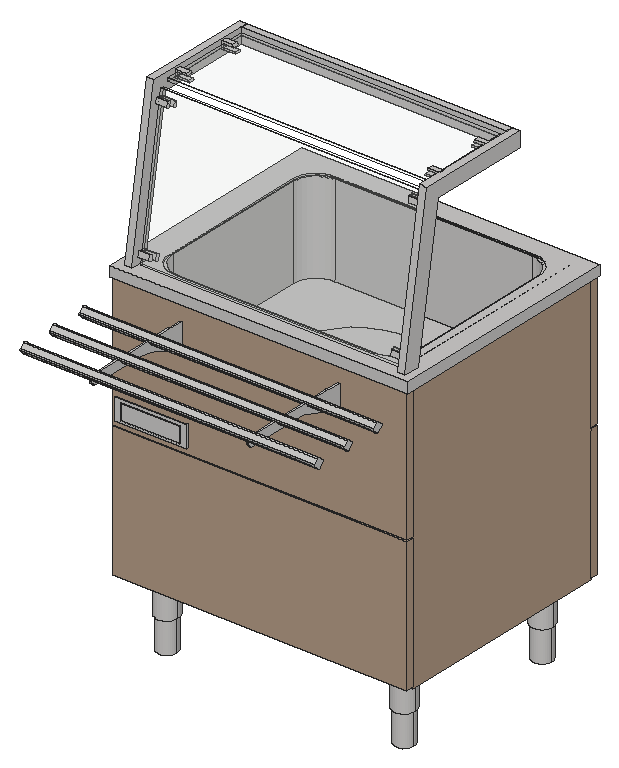
Revit family "QF_ELECTROLUXPROFESSIONAL_322093_F11C2AF01W", category Specialty Equipment, Revit 2018 (continued)
Definition of nested family "Cold Well Static w. Fan770"
  Nested families
    nested 1: "Refrigerator" at (-309.269, -45.263, 900), type "Refrigerator"
  Definition of nested family "Refrigerator"
    Reference planes
      plane 1 "Center (Front/Back)": y = 0
      plane 2: z = 0
      plane 3 "Center (Left/Right)": x = 0
    Lines and regions (mm)
      detail lines, in view "Ref. Level"
        curve 1: line (0, -60, 0) -> (0, 60, 0)
        curve 2: line (-51.962, 30, 0) -> (51.962, -30, 0)
        curve 3: line (-51.962, -30, 0) -> (51.962, 30, 0)
        curve 4: line (19.116, 56.873, 0) -> (0, 35, 0)
        curve 5: line (0, 35, 0) -> (-19.116, 56.873, 0)
        curve 6: line (-30.311, 17.5, 0) -> (-40, 45.883, 0)
        curve 7: line (-59.736, 11.7, 0) -> (-30.311, 17.5, 0)
        curve 8: line (-30.311, -17.5, 0) -> (-59.736, -11.7, 0)
        curve 9: line (-40, -45.883, 0) -> (-30.311, -17.5, 0)
        curve 10: line (0, -35, 0) -> (-19.116, -56.873, 0)
        curve 11: line (19.116, -56.873, 0) -> (0, -35, 0)
        curve 12: line (30.311, -17.5, 0) -> (39.696, -44.992, 0)
        curve 13: line (58.812, -11.882, 0) -> (30.311, -17.5, 0)
        curve 14: line (30.311, 17.5, 0) -> (58.812, 11.882, 0)
        curve 15: line (39.696, 44.992, 0) -> (30.311, 17.5, 0)
Definition of nested family "Controller_compact"
  Parameters
    Default Elevation = 1219.2 mm
  Reference planes
    plane 1 "Center (Front/Back)": y = 0
    plane 2: z = 0
    plane 3 "Center (Left/Right)": x = 0
    plane 4: x = -76
    plane 5: x = 76
    plane 6: y = -21
    plane 7: y = 21
    plane 8: x = -92.25
    plane 9: x = 92.25
    plane 10: y = -27.2
    plane 11: y = 27.2
  Forms (mm)
    Extrusion 1, solid
      sketch origin (0, 0, 0) x (1, 0, 0) y (0, 1, 0)
        loop
          line (-1219.2, 1219.2) -> (-1219.2, -1219.2) -> (1219.2, -1219.2) -> (1219.2, 1219.2) -> (-1219.2, 1219.2)
      from 0 to -304.8
    Extrusion 2, solid
      sketch origin (0, 0, 0) x (1, 0, 0) y (0, 1, 0)
        loop
          line (-76, 21) -> (-76, -21) -> (76, -21) -> (76, 21) -> (-76, 21)
      from 0 to 5
    Extrusion 3, solid
      sketch origin (0, 0, 0) x (1, 0, 0) y (0, 1, 0)
        loop
          line (-92.25, 27.2) -> (-92.25, -27.2) -> (92.25, -27.2) -> (92.25, 27.2) -> (-92.25, 27.2)
        loop
          line (-76, 21) -> (-76, -21) -> (76, -21) -> (76, 21) -> (-76, 21)
      from 0 to 5
  Lines and regions (mm)
    Split face 1
      outline origin (-14, 0, 5) x (1, 0, 0) y (0, 1, 0)
        loop
          line (-36, 10) -> (-36, -10) -> (-16, -10) -> (-16, 10) -> (-36, 10)
    Split face 2
      outline origin (26, 0, 5) x (1, 0, 0) y (0, 1, 0)
        loop
          line (-36, 10) -> (-36, -10) -> (-16, -10) -> (-16, 10) -> (-36, 10)
    Split face 3
      outline origin (98.5, 0, 5) x (1, 0, 0) y (0, 1, 0)
        loop
          line (-68.5, 10) -> (-68.5, -10) -> (-48.5, -10) -> (-48.5, 10) -> (-68.5, 10)
  Dimensions and locks
    equal spacing: plane 4, plane 3 "Center (Left/Right)", plane 5
    equal spacing: plane 7, plane 1 "Center (Front/Back)", plane 6
    plane 7 to plane 6 = 42 mm
    plane 4 to plane 5 = 152 mm
    equal spacing: plane 8, plane 3 "Center (Left/Right)", plane 9
    plane 8 to plane 9 = 184.5 mm
    equal spacing: plane 11, plane 1 "Center (Front/Back)", plane 10
    plane 11 to plane 10 = 54.4 mm
    aligned and locked: plane 2 to Extrusion 1
    aligned and locked: level to Extrusion 1
    aligned and locked: Extrusion 2 sketch curve to plane 7
    aligned and locked: plane 4 to Extrusion 2 sketch curve
    aligned and locked: plane 6 to Extrusion 2 sketch curve
    aligned and locked: Extrusion 2 sketch curve to plane 5
    aligned and locked: Extrusion 3 sketch curve to plane 11
    aligned and locked: plane 8 to Extrusion 3 sketch curve
    aligned and locked: plane 10 to Extrusion 3 sketch curve
    aligned and locked: Extrusion 3 sketch curve to plane 9
    aligned and locked: Extrusion 3 sketch curve to Extrusion 2  (x4)
    aligned and locked: Extrusion 3 to Extrusion 2
  Automatic sketch dimensions
    Extrusion 1 sketch curve to Extrusion 1 sketch curve = 2438.4 mm  (x2)
    Split face 1 sketch curve to Extrusion 2 = 11 mm  (x2)
    Split face 1 sketch curve to Extrusion 2 = 26 mm
    Split face 1 sketch curve to Split face 1 sketch curve = 20 mm
    Split face 2 sketch curve to Extrusion 2 = 11 mm  (x2)
    Split face 2 sketch curve to Extrusion 2 = 66 mm
    Split face 2 sketch curve to Split face 2 sketch curve = 20 mm
    Split face 3 sketch curve to Extrusion 2 = 11 mm  (x2)
    Split face 3 sketch curve to Extrusion 2 = 46 mm
    Split face 3 sketch curve to Split face 3 sketch curve = 20 mm
Definition of nested family "Refrigerator"
  Reference planes
    plane 1 "Center (Front/Back)": y = 0
    plane 2: z = 0
    plane 3 "Center (Left/Right)": x = 0
  Lines and regions (mm)
    detail lines, in view "Ref. Level"
      curve 1: line (0, -60, 0) -> (0, 60, 0)
      curve 2: line (-51.962, 30, 0) -> (51.962, -30, 0)
      curve 3: line (-51.962, -30, 0) -> (51.962, 30, 0)
      curve 4: line (19.116, 56.873, 0) -> (0, 35, 0)
      curve 5: line (0, 35, 0) -> (-19.116, 56.873, 0)
      curve 6: line (-30.311, 17.5, 0) -> (-40, 45.883, 0)
      curve 7: line (-59.736, 11.7, 0) -> (-30.311, 17.5, 0)
      curve 8: line (-30.311, -17.5, 0) -> (-59.736, -11.7, 0)
      curve 9: line (-40, -45.883, 0) -> (-30.311, -17.5, 0)
      curve 10: line (0, -35, 0) -> (-19.116, -56.873, 0)
      curve 11: line (19.116, -56.873, 0) -> (0, -35, 0)
      curve 12: line (30.311, -17.5, 0) -> (39.696, -44.992, 0)
      curve 13: line (58.812, -11.882, 0) -> (30.311, -17.5, 0)
      curve 14: line (30.311, 17.5, 0) -> (58.812, 11.882, 0)
      curve 15: line (39.696, 44.992, 0) -> (30.311, 17.5, 0)
Types (2, lengths in mm): name | URL | Manufacturer | Phase | Model | Description
  (no name) | 0 | 0 | 0 | 0 | 0
  Standard | "http://professional.electrolux.com" | "Electrolux Professional" | 1 | "F11C2AF01W" | "REFRIGERATED WELL, STATIC WITH FAN, 2GN H=900MM OVERSHELF W/LED LIGHTS"
